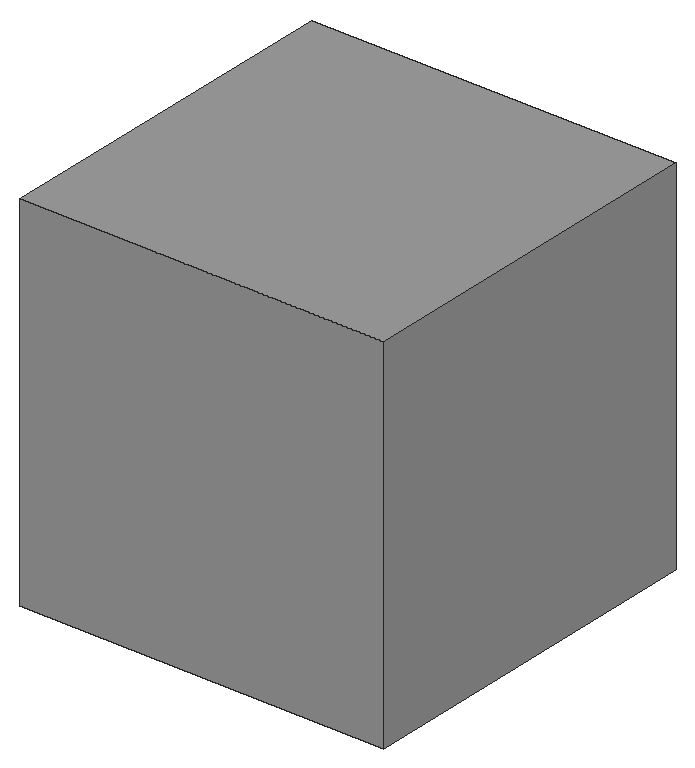
Revit family "小红", category 常规模型, Revit 2018
Family settings
  可将钢筋附着到主体 = 否
  圆形连接件大小 = 使用直径
  零件类型 = 标准
  基于工作平面 = 否
  总是垂直 = 是
  加载时剪切的空心 = 否
  共享 = 否
  房间计算点 = 否
Reference planes
  plane 1 "中心(前/后)": y = 0
  plane 2: z = 0
  plane 3 "中心(左/右)": x = 0
Forms (mm)
  Extrusion 1, solid, material "小红"
    sketch origin (0, 0, 0) x (1, 0, 0) y (0, 1, 0)
      loop
        line (0, 0) -> (1000, 0) -> (1000, 1000) -> (0, 1000) -> (0, 0)
    from 0 to 1000
Dimensions and locks
  aligned and locked: level to plane 2
